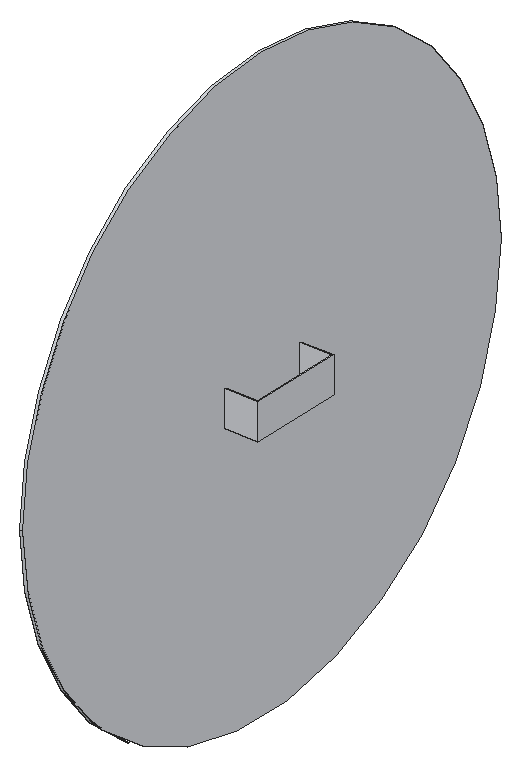
Revit family
Parameters (values of type "DW2425ADI")
  WALLTHICK = 3/64"  # constant formula
  Model = "DW2425ADI"
  Manufacturer = "CaptiveAire"
  HANLELENGTH = 4"  # constant formula
  HANDLEWIDTH = 1 1/2"  # constant formula
  HANDLETHICK = 3/64"  # constant formula
  HANDLEDEPTH = 1 27/64"  # constant formula
  Description = "24\" Door Inner"
  DOORRAD = (DOORDIA / 2)  # 12 1/2"
  DOORDIA = 25"
Types (10): name | Model | Description | DOORRAD | DOORDIA
  (no name) | "DW2425ADI" | "24\" Door Inner" | 12 1/2" | 25"
  DW0809ADI | "DW0809ADI" | "8\" Door Inner" | 4 1/2" | 9"
  DW1011ADI | "DW1011ADI" | "10\" Door Inner" | 5 1/2" | 11"
  DW1213ADI | "DW1213ADI" | "12\" Door Inner" | 6 1/2" | 13"
  DW1415ADI | "DW1415ADI" | "14\" Door Inner" | 7 1/2" | 15"
  DW1617ADI | "DW1617ADI" | "16\" Door Inner" | 8 1/2" | 17"
  DW1829ADI | "DW1819ADI" | "18\" Door Inner" | 9 3/64" | 18 3/32"
  DW2021ADI | "DW2021ADI" | "20\" Door Inner" | 10 1/2" | 21"
  DW2223ADI | "DW2223ADI" | "22\" Door Inner" | 11 1/2" | 23"
  DW2425ADI | "DW2425ADI" | "24\" Door Inner" | 12 1/2" | 25"
Reference planes (in)
  plane 1 "Center (Front/Back)": y = 0
  plane 2: z = 0
  plane 3 "Center (Left/Right)": x = -6.88877
  plane 4: x = -6.8419
Forms (in)
  Extrusion 1, solid
    sketch origin (-6.88877, 0, 0) x (0, 1, 0) y (0, 0, 1)
      loop
        circle (0, 0) r 12.5
    from 0 to 0.125
  Extrusion 2, solid
    sketch origin (0, 0, 0) x (1, 0, 0) y (0, 1, 0)
      loop
        line (-6.76377, 2) -> (-6.76377, 1.95312) -> (-5.38877, 1.95312) -> (-5.38877, -1.95313) -> (-6.76377, -1.95313) -> (-6.76377, -2) -> (-5.3419, -2) -> (-5.3419, 2) -> (-6.76377, 2)
    from -0.75 to 0.75
Dimensions and locks (in)
  "WALLTHICK": plane 4 to plane 3 "Center (Left/Right)"
  equal spacing: Extrusion 2 sketch curve, plane 1 "Center (Front/Back)", Extrusion 2 sketch curve
  "HANLELENGTH": Extrusion 2 sketch curve to Extrusion 2 sketch curve
  "HANDLETHICK": Extrusion 2 sketch curve to Extrusion 2 sketch curve  (x3)
  "HANDLEDEPTH": Extrusion 1 to Extrusion 2 sketch curve
  "DOORRAD": radius of Extrusion 1 sketch curve
  aligned: Extrusion 1 to plane 4
  aligned and locked: Extrusion 1 to Extrusion 2 sketch curve  (x2)
Automatic sketch dimensions
  Extrusion 1 sketch curve to level = 0"
  Extrusion 1 sketch curve to plane 1 "Center (Front/Back)" = 0"
